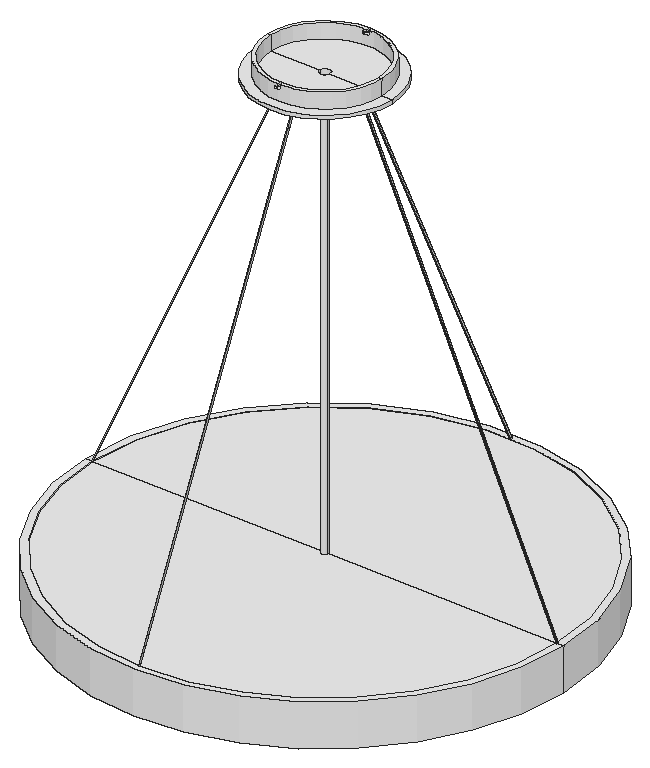
Revit family "TechoLED MOON SERIES", category Lighting Fixtures, host Ceiling, Revit 2020
Family settings
  Host = Ceiling
  Round Connector Dimension = Use Diameter
  Part Type = Normal
  Always vertical = Yes
  Cut with Voids When Loaded = No
  Light Source = Yes
  Shared = No
  Room Calculation Point = No
Parameters (values of type "TechoLED-MS-DI-35-120W")
  Wattage Comments = "120W"
  Wattage = 68.6675 W
  built-in parameter 1150110 = 1 (stored number, unit not read)
  Voltage = 277 V
  URL = "https://techoled.com/?s=MOON+SERIES"
  Type Comments = "MOON SERIES"
  built-in parameter 1114217 = 1 (stored number, unit not read)
  Tilt Angle = 90.00°
  built-in parameter 1150109 = 1 (stored number, unit not read)
  built-in parameter 1150134 = (empty or 0)
  built-in parameter 1150113 = 1 (stored number, unit not read)
  Photometric Web File = "TECHOLED-MS-DI-35-120.ies"
  Model = "TechoLED-MS-DI-35-120W"
  Manufacturer = "TechoLED"
  MOUNTING = "Pendant"
  built-in parameter 1150105 = 3295.7 (stored number, unit not read)
  Lumens = 10200 lm
  built-in parameter 1150115 = 1 (stored number, unit not read)
  built-in parameter 1150137 = (empty or 0)
  built-in parameter 1150139 = (empty or 0)
  built-in parameter 1150112 = 1 (stored number, unit not read)
  built-in parameter 1150114 = 1 (stored number, unit not read)
  LIGHT DEPTH [instance] = 3' - 0"
  built-in parameter 1150132 = 2
  built-in parameter 1150102 = (empty or 0)
  built-in parameter 1150107 = 3000 (stored number, unit not read)
  built-in parameter 1150138 = (empty or 0)
  built-in parameter 1150106 = 32.957 (stored number, unit not read)
  H2 [instance] = sqrt((B2 ^ 2) + (H1 ^ 2))  # 2' - 10.78804"
  H1 [instance] = LIGHT DEPTH - (B + Fixture Height)  # 2' - 7.53"
  Fixture Height [instance] = 0' - 3.1"
  Fixture Diameter [instance] = 1' - 5 179/256"
  FIXTURE ID = "MS - Circle"
  FINISH - REFLECTOR = Dynamic White
  built-in parameter 1150104 = 13.8 (stored number, unit not read)
  Driver Options = "0 - 10V Dimming"
  Distribution = "Direct/Indirect"
  Dimming Lamp Color Temperature Shift = <None>
  Description = "35\" Indoor LED Fixture Pendant Mounted"
  Default Elevation = 0' - 0"
  Color Filter = 16777215
  Chain Length [instance] = 1' - 9.96425"
  C [instance] = 0' - 0"
  built-in parameter 1114218 = 1 (stored number, unit not read)
  BODY FINISH [instance] = Aluminium
  B2 [instance] = B1 - 0' 2 1/2"  # 1' - 2 179/256"
  B1 [instance] = Fixture Diameter - 0' 0 1/2"  # 1' - 5 51/256"
  B [instance] = 0' - 1.37"
  built-in parameter 1150133 = 10 (stored number, unit not read)
  Apparent Load = 150 VA
  A [instance] = 0' - 5"
Reference planes (in)
  plane 1 "Center (Front/Back)": y = 0
  plane 2 "Ceiling": z = 96
  plane 3 "Center (Left/Right)": x = 0
  plane 4: z = 94.63
  plane 5: z = 60
  plane 6: z = 63.1
  plane 7: x = -2.5
  plane 8: x = -17.19922
  plane 9: x = -2.5
  plane 10: x = 2.5
  plane 11: x = 17.19922
  plane 12: y = -2.5
  plane 13: y = -17.19922
  plane 14: y = 17.19922
  plane 15: y = 2.5
Forms (in)
  Revolve 1, solid, material "Aluminium" <- "BODY FINISH"
    sketch origin (0, 0, 0) x (1, 0, 0) y (0, 0, 1)
      loop
        line (0.375, 94.94379) -> (0.375, 94.63) -> (5, 94.63) -> (5, 94.88) -> (4.25, 94.88) -> (4.25, 96) -> (4, 96) -> (4, 94.94379) -> (0.375, 94.94379)
      axis (0, 96) -> (0, 94.63)
    angle from 0 to 360
  Revolve 2, solid, material "Aluminium" <- "BODY FINISH"
    sketch origin (0, 0, 0) x (1, 0, 0) y (0, 0, 1)
      loop
        line (17.19922, 60) -> (17.69922, 60) -> (17.69922, 63.1) -> (17.19922, 63.1) -> (17.19922, 60)
      axis (0, 63.1) -> (0, 60)
    angle from 0 to 360
  Revolve 3, solid, material "Dynamic White" <- "FINISH - REFLECTOR"
    sketch origin (0, 0, 0) x (1, 0, 0) y (0, 0, 1)
      loop
        line (0, 60) -> (17.69922, 60) -> (17.69922, 63.1) -> (0, 63.1) -> (0, 60)
      axis (0, 63.1) -> (0, 60)
    angle from 0 to 360
  Extrusion 4, solid, material "Aluminium"
    sketch origin (0, 0, 96) x (1, 0, 0) y (0, 1, 0)
      loop
        circle (0, 0) r 0.25
    from -32.9 to -1.37
  Sweep 5, solid, material "Aluminium"
    path origin (0, 0, 0) x (1, 0, 0) y (0, 0, 1)
      loop
        line (-2.5, 94.63) -> (-17.19922, 63.1)
    profile origin (-9.84961, 0, 78.865) x (0.906346, 0, -0.422537) y (0, -1, 0)
      loop
        circle (0, 0) r 0.03937
  Sweep 6, solid, material "Aluminium"
    path origin (0, 0, 0) x (-1, 0, 0) y (0, 0, 1)
      loop
        line (-2.5, 94.63) -> (-17.19922, 63.1)
    profile origin (9.84961, 0, 78.865) x (0.906346, 0, 0.422537) y (0, -1, 0)
      loop
        circle (0, 0) r 0.03937
  Sweep 7, solid, material "Aluminium"
    path origin (0, 0, 0) x (0, -1, 0) y (0, 0, -1)
      loop
        line (-2.5, -94.63) -> (-17.19922, -63.1)
    profile origin (0, 9.84961, 78.865) x (0, 0.906346, 0.422537) y (1, 0, 0)
      loop
        circle (0, 0) r 0.03937
  Sweep 8, solid, material "Aluminium"
    path origin (0, 0, 0) x (0, 1, 0) y (0, 0, 1)
      loop
        line (-2.5, 94.63) -> (-17.19922, 63.1)
    profile origin (0, -9.84961, 78.865) x (0, 0.906346, -0.422537) y (1, 0, 0)
      loop
        circle (0, 0) r 0.03937
  Extrusion 9, void
    sketch origin (0, 0, 0) x (1, 0, 0) y (0, 0, 1)
      loop
        line (-0.09239, 96) -> (-0.09239, 95.85932)
        arc (-0.09239, 95.85932) -> (-0.10376, 95.83186) -> (-0.13122, 95.82049) r 0.03884
        line (-0.13122, 95.82049) -> (-0.29498, 95.82049)
        arc (-0.29498, 95.82049) -> (-0.3339, 95.80437) -> (-0.35001, 95.76546) r 0.05503
        line (-0.35001, 95.76546) -> (-0.35001, 95.71319)
        arc (-0.35001, 95.71319) -> (-0.33439, 95.67546) -> (-0.29666, 95.65983) r 0.05336
        line (-0.29666, 95.65983) -> (0.09695, 95.65983) -> (0.09695, 96) -> (-0.09239, 96)
    from -4.34789 to 4.52294
Cuts and joins
  Extrusion 9 cuts Revolve 1
Dimensions and locks (in)
  equal spacing: host sketch curve, plane 3 "Center (Left/Right)", host sketch curve
  equal spacing: host sketch curve, plane 1 "Center (Front/Back)", host sketch curve
  host sketch curve to host sketch curve = 10' - 0"  (x2)
  "B": Revolve 1 sketch curve to Revolve 1 sketch curve
  "A": Revolve 1 sketch curve to Revolve 1 sketch curve
  "Fixture Diameter": Revolve 2 sketch curve to plane 3 "Center (Left/Right)"
  "Fixture Height": Revolve 2 sketch curve to Revolve 2 sketch curve
  locked: Revolve 2 sketch curve to Revolve 2 sketch curve at 0.5
  locked: Revolve 1 sketch curve to Revolve 1 sketch curve at 0.25
  "Fixture Diameter": Revolve 3 sketch curve to plane 3 "Center (Left/Right)"
  locked: plane 3 "Center (Left/Right)" to plane 7 at 2.5
  "B1": plane 3 "Center (Left/Right)" to plane 8
  "H2": Sweep 5 sketch curve to Sweep 5 sketch curve
  locked: Sweep 5 sketch curve to profile plane  (x2)
  "LIGHT DEPTH": plane 2 "Ceiling" to plane 5
  locked: plane 2 "Ceiling" to plane 4 at 1.37
  "Fixture Height": plane 6 to plane 5
  locked: plane 3 "Center (Left/Right)" to plane 10 at 2.5
  "B1": plane 3 "Center (Left/Right)" to plane 11
  "H2": Sweep 6 sketch curve to Sweep 6 sketch curve
  locked: Sweep 6 sketch curve to profile plane  (x2)
  locked: plane 12 to plane 1 "Center (Front/Back)" at 2.5
  "B1": plane 13 to plane 1 "Center (Front/Back)"
  "B1": plane 1 "Center (Front/Back)" to plane 14
  locked: plane 1 "Center (Front/Back)" to plane 15 at 2.5
  "H2": Sweep 7 sketch curve to Sweep 7 sketch curve
  locked: Sweep 7 sketch curve to profile plane  (x2)
  "H2": Sweep 8 sketch curve to Sweep 8 sketch curve
  locked: Sweep 8 sketch curve to profile plane  (x2)
  aligned and locked: Extrusion 4 to Revolve 2
  aligned and locked: Revolve 1 to Extrusion 4
  aligned and locked: plane 5 to Revolve 2
  aligned and locked: plane 6 to Revolve 2  (x2)
  aligned and locked: plane 6 to Sweep 5 sketch curve
  aligned and locked: plane 8 to Sweep 5 sketch curve
  aligned and locked: plane 7 to Sweep 5 sketch curve
  aligned and locked: plane 3 "Center (Left/Right)" to Revolve 3 sketch curve
  aligned and locked: plane 3 "Center (Left/Right)" to Revolve 2 sketch curve
  aligned and locked: Revolve 3 sketch curve to plane 5
  aligned and locked: Revolve 3 sketch curve to plane 3 "Center (Left/Right)"
  aligned and locked: plane 6 to Revolve 3
  aligned and locked: plane 4 to Sweep 6 sketch curve
  aligned and locked: plane 10 to Sweep 6 sketch curve
  aligned and locked: plane 11 to Sweep 6 sketch curve
  aligned and locked: plane 12 to Sweep 8 sketch curve
  aligned and locked: plane 13 to Sweep 8 sketch curve
  aligned and locked: plane 15 to Sweep 7 sketch curve
  aligned and locked: plane 4 to Sweep 7 sketch curve
  aligned and locked: plane 14 to Sweep 7 sketch curve
  aligned and locked: plane 4 to Sweep 8 sketch curve
  aligned and locked: plane 5 to imposter light
  aligned and locked: imposter light to plane 3 "Center (Left/Right)"
Automatic sketch dimensions
  Revolve 2 sketch curve to plane 5 = 0' - 0"
  Revolve 2 sketch curve to plane 6 = 0' - 0"
  Revolve 2 sketch curve to plane 5 = 0' - 0.9"
  Revolve 3 sketch curve to plane 6 = 0' - 0"
  Revolve 3 sketch curve to Revolve 3 sketch curve = 0' - 0 1/32"
  Revolve 3 sketch curve to plane 6 = 0' - 0.01029"
  plane 1 "Center (Front/Back)" to Extrusion 4 sketch curve = 0' - 0"
  Extrusion 4 sketch curve to plane 3 "Center (Left/Right)" = 0' - 0"
  Extrusion 9 sketch curve to plane 2 "Ceiling" = 0' - 0"
  Extrusion 9 sketch curve to plane 3 "Center (Left/Right)" = 0' - 0.09239"
  plane 3 "Center (Left/Right)" to Extrusion 9 sketch curve = 0' - 0.09695"
  Extrusion 9 sketch curve to Extrusion 9 sketch curve = 0' - 0.03884"
  Extrusion 9 sketch curve to Extrusion 9 sketch curve = 0' - 0.16376"
  Extrusion 9 sketch curve to Extrusion 9 sketch curve = 0' - 0.00167"
  Extrusion 9 sketch curve to Extrusion 9 sketch curve = 0' - 0.05336"
  Extrusion 9 sketch curve to plane 2 "Ceiling" = 0' - 0.14068"
  Extrusion 9 sketch curve to Extrusion 9 sketch curve = 0' - 0.05227"
  Revolve 1 sketch curve to plane 4 = 0' - 0"  (x2)
  Revolve 1 sketch curve to plane 2 "Ceiling" = 0' - 0"
  Revolve 1 sketch curve to plane 3 "Center (Left/Right)" = 0' - 0"
  plane 3 "Center (Left/Right)" to Revolve 1 sketch curve = 0' - 4"
  plane 3 "Center (Left/Right)" to Revolve 1 sketch curve = 0' - 4 1/4"
  Revolve 1 sketch curve to Revolve 1 sketch curve = 0' - 0 3/8"
  Revolve 1 sketch curve to Revolve 1 sketch curve = 0' - 0.06379"
  radius of Extrusion 4 sketch curve = 0' - 0 1/4"
  radius of Sweep 5 sketch curve = 0' - 0.03937"
  radius of Sweep 6 sketch curve = 0' - 0.03937"
  radius of Sweep 7 sketch curve = 0' - 0.03937"
  radius of Sweep 8 sketch curve = 0' - 0.03937"
Connectors (in)
  electrical at (0, 0, 96)
    settings: on host ceiling, index 1, voltage 0 V, apparent load 0 VA, apparent load phase1 0 VA, apparent load phase2 0 VA, apparent load phase3 0 VA, power factor 1, load classification "Other", number of poles 1, system type 31, power factor state 1, is connector primary yes, connector utility no, sub classification motor no, connector description ""
